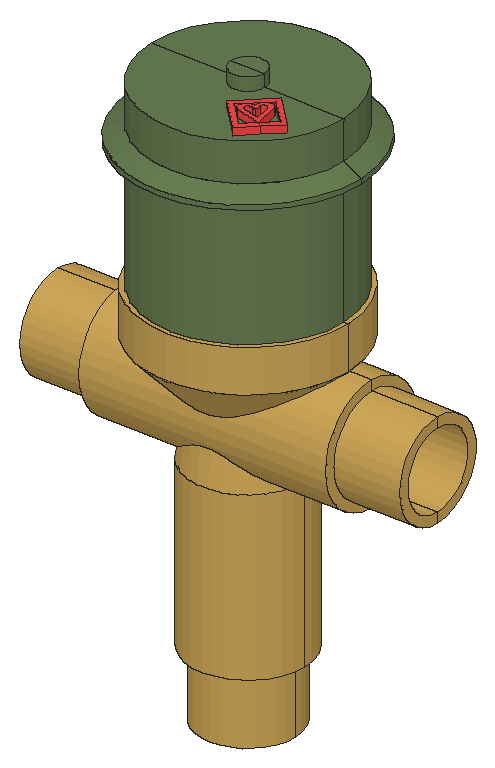
Revit family "HERZ Drinking Water Mixing Valve With Bottom Mixing Outlet 7766 54", category Rohrzubehör, Revit 2018
Family settings
  Bemaßung runder Anschluss = Durchmesser verwenden
  Teiletyp = Unterbricht
  OmniClass-Nummer = 23.65.55.14
  OmniClass-Titel = Valves for Liquid Services
  Arbeitsebenenbasiert = Nein
  Immer vertikal = Ja
  Beim Laden mit Abzugskörper schneiden = Nein
  Gemeinsam genutzt = Nein
Parameters
  Spring = "stainless steel 1.4310"  # constant formula
  Spindle = "DZR brass CW626N"  # constant formula
  Mixed water temperature hysteresis = "+-2°C"  # constant formula
  Part number = 2776654  # constant formula
  Operation = "The thermostatic mixing valve 7766 TMV is used in systems with heated drinking water.\r\nIrrespective of pressure or temperature changes of the cold and hot water to be mixed in the valve, the mixed water is constantly regulated to the preset temperature and flow rate value.\r\nThe thermostatic valve works completely independently and without auxiliary energy.\r\nThe value of the desired mixing temperature, which is preset once after installation, is kept constant within a control hysteresis."
  Note = "Pursuant to Article 33 of the REACH Regulation (EC No. 1907/2006), we are obliged to point out that the material lead is listed on the SVHC list and that all brass components manufactured in our products exceed 0.1% (w / w) lead (CAS: 7439-92-1 / EINECS: 231-100-4).\r\nSince lead is a component part of an alloy, actual exposure is not possible and therefore no additional information on safe use is necessary."
  Min. overheat of hot water compared to mixing water = 15 °C  # constant formula
  Min. flow = 0.07 L/s  # constant formula
  Min. cold water inlet temperature range = "5 °C - 25 °C"  # constant formula
  Max. hot water inlet temperature = 85 °C  # constant formula
  Max. dynamic pressure = "0.2 - 6 bar"  # constant formula
  URL = "www.herzvalves.com"
  Set value = "35 °C - 50 °C"  # constant formula
  Safety note = "Please note that the applied valve is a safety valve.\r\nIt is recommended to replace it in every 5 years.\r\nLocal standards and regulations have to be followed"
  SCTWSEQ = "AW;SBT_TYP_AW=\"104\";3"
  SCTWCODE = "04;18;03"  # constant formula
  S02 = H07 - H01 - H05  # 38.4 mm
  S01 = H00 - H01  # 61 mm
  R07 = 3.5 mm  # constant formula
  R06 = 24 mm  # constant formula
  R05 = 20.3 mm  # constant formula
  R04 = 24 mm  # constant formula
  R03 = R02 + 2 mm  # 12 mm
  R02 = Nennweite / 2  # 10 mm
  R01 = 8 mm  # constant formula
  Nennweite = 20 mm  # constant formula
  Mixing temperature (factory setting) = 45 °C  # constant formula
  Medium = "Water"  # constant formula
  LO1 = H07 - H05  # 59.4 mm
  L02 = 21.3 mm  # constant formula
  L01 = 12 mm  # constant formula
  L00 = 40 mm  # constant formula
  Internal parts = "DZR brass CW626N"  # constant formula
  Hersteller = "HERZ Armaturen Ges.m.b.H."  # constant formula
  Hand wheel = "ABS"  # constant formula
  H08 = 8 mm  # constant formula
  H07 = 62 mm  # constant formula
  H06 = 25.4 mm  # constant formula
  H05 = 2.6 mm  # constant formula
  H04 = 35 mm  # constant formula
  H03 = 14 mm  # constant formula
  H02 = 9 mm  # constant formula
  H01 = 21 mm  # constant formula
  H00 = 82 mm  # constant formula
  Flow at 3 bar = 0.7 L/s  # constant formula
  Sealing = "EPDM"  # constant formula
  Max. static pressure = 1000000.0 Pa  # constant formula
  Connection thread = "flat sealing, G 3/4"  # constant formula
  Body = "DZR brass CC752S"  # constant formula
Reference planes
  plane 1 "Mitte (Vorne/hinten)": y = 0
  plane 2: z = 0
  plane 3 "Mitte (Links/rechts)": x = 0
Forms (mm)
  Revolve 1, solid, material "Kunststoff GRÜN", detail levels fine
    sketch origin (-2.352, 0, -141.797) x (1, 0, 0) y (0, 0, 1)
      loop
        line (-1.148, 201.197) -> (-17.948, 201.197) -> (-17.948, 193.197) -> (-21.648, 191.197) -> (-21.648, 190.197) -> (-17.948, 188.197) -> (-17.948, 162.797) -> (2.352, 162.797) -> (2.352, 203.797) -> (-1.148, 203.797) -> (-1.148, 201.197)
      axis (2.352, 203.797) -> (2.352, 162.797)
    angle from 0 to 360
  Revolve 2, solid, material "Messing, weicher Gelbton, geschweißt", detail levels fine
    sketch origin (101.455, 0, 0) x (1, 0, 0) y (0, 0, 1)
      loop
        line (-101.455, -49) -> (-101.455, 21) -> (-122.755, 21) -> (-122.755, 12) -> (-111.455, 0) -> (-113.455, -12) -> (-113.455, -47) -> (-111.455, -47) -> (-111.455, -61) -> (-109.455, -61) -> (-109.455, -49) -> (-101.455, -49)
      axis (-101.455, 21) -> (-101.455, -61)
    angle from 0 to 360
  Revolve 3, solid, material "Messing, weicher Gelbton, geschweißt", detail levels fine
    sketch origin (-28, 0, 0) x (1, 0, 0) y (0, 0, 1)
      loop
        line (56, 8) -> (68, 8) -> (68, 10) -> (54, 10) -> (54, 12) -> (2, 12) -> (2, 10) -> (-12, 10) -> (-12, 8) -> (0, 8) -> (0, 0) -> (56, 0) -> (56, 8)
      axis (-12, 0) -> (68, 0)
    angle from 0 to 360
Lines and regions (mm)
  model lines, detail levels coarse+medium
    curve 1: line (-40, 0, 10) -> (-40, 0, -10)
    curve 2: line (-40, 0, -10) -> (40, 0, 10)
    curve 3: line (40, 0, 10) -> (40, 0, -10)
    curve 4: line (40, 0, -10) -> (-40, 0, 10)
    curve 5: line (0, 0, 0) -> (10, 0, -61)
    curve 6: line (10, 0, -61) -> (-10, 0, -61)
    curve 7: line (-10, 0, -61) -> (0, 0, 0)
    curve 8: line (0, 0, 0) -> (0, 0, 21)
    curve 9: line (-20.3, 0, 21) -> (20.3, 0, 21)
    curve 10: line (20.3, 0, 21) -> (20.3, 0, 59.4)
    curve 11: line (20.3, 0, 59.4) -> (-20.3, 0, 59.4)
    curve 12: line (-20.3, 0, 59.4) -> (-20.3, 0, 21)
    curve 13: line (20.3, 0, 59.4) -> (-20.3, 0, 21)
    curve 14: line (-20.3, 0, 59.4) -> (20.3, 0, 21)
    curve 15: line (-40, 10, 0) -> (-40, -10, 0)
    curve 16: line (-40, -10, 0) -> (40, 10, 0)
    curve 17: line (40, 10, 0) -> (40, -10, 0)
    curve 18: line (40, -10, 0) -> (-40, 10, 0)
    curve 19: line (0, 0, 0) -> (-10, -61, 0)
    curve 20: line (-10, -61, 0) -> (10, -61, 0)
    curve 21: line (10, -61, 0) -> (0, 0, 0)
    curve 22: line (0, 0, 0) -> (0, 21, 0)
    curve 23: line (-20.3, 21, 0) -> (20.3, 21, 0)
    curve 24: line (20.3, 21, 0) -> (20.3, 59.4, 0)
    curve 25: line (20.3, 59.4, 0) -> (-20.3, 59.4, 0)
    curve 26: line (-20.3, 59.4, 0) -> (-20.3, 21, 0)
    curve 27: line (20.3, 59.4, 0) -> (-20.3, 21, 0)
    curve 28: line (-20.3, 59.4, 0) -> (20.3, 21, 0)
Dimensions and locks
  "L00": Revolve 3 sketch curve to plane 3 "Mitte (Links/rechts)" to Revolve 3 sketch curve
  "L01": Revolve 3 sketch curve to Revolve 3 sketch curve  (x2)
  "R01": Revolve 3 sketch curve to Revolve 3 sketch curve  (x2)
  "R02": Revolve 3 sketch curve to Revolve 3 sketch curve
  "L02": Revolve 2 sketch curve to Revolve 2 sketch curve
  "H02": Revolve 2 sketch curve to Revolve 2 sketch curve
  "R02": Revolve 2 sketch curve to Revolve 2 sketch curve  (x2)
  "H01": Revolve 2 sketch curve to plane 2
  "H00": Revolve 2 sketch curve to Revolve 2 sketch curve
  "H03": Revolve 2 sketch curve to Revolve 2 sketch curve
  "R03": Revolve 2 sketch curve to Revolve 2 sketch curve
  "H04": Revolve 2 sketch curve to Revolve 2 sketch curve
  "R01": Revolve 2 sketch curve to Revolve 2 sketch curve
  "L01": Revolve 2 sketch curve to Revolve 2 sketch curve
  "H03": Revolve 3 sketch curve to Revolve 3 sketch curve  (x2)
  "R03": Revolve 3 sketch curve to Revolve 3 sketch curve
  "R05": Revolve 1 sketch curve to Revolve 1 sketch curve  (x2)
  "H07": Revolve 1 sketch curve to plane 2
  "H05": Revolve 1 sketch curve to Revolve 1 sketch curve
  "H06": Revolve 1 sketch curve to Revolve 1 sketch curve
  "H08": Revolve 1 sketch curve to Revolve 1 sketch curve
  "R06": Revolve 1 sketch curve to Revolve 1 sketch curve
  "R07": Revolve 1 sketch curve to Revolve 1 sketch curve
  "R02": curve 4 to plane 2 to curve 2
  "R02": curve 3 to plane 2 to curve 4
  "L00": curve 1 to plane 3 "Mitte (Links/rechts)" to curve 3
  "R02": curve 6 to plane 3 "Mitte (Links/rechts)" to curve 7
  "S01": plane 2 to curve 6
  "H01": curve 8 to plane 2
  "S02": curve 11 to Revolve 1
  "R05": curve 12 to plane 3 "Mitte (Links/rechts)" to curve 10
  "L00": curve 15 to plane 3 "Mitte (Links/rechts)" to curve 17
  "R02": curve 16 to plane 1 "Mitte (Vorne/hinten)" to curve 18
  "R02": curve 18 to plane 1 "Mitte (Vorne/hinten)" to curve 17
  "R02": curve 20 to plane 3 "Mitte (Links/rechts)" to curve 21
  "S01": curve 20 to plane 1 "Mitte (Vorne/hinten)"
  "H01": plane 1 "Mitte (Vorne/hinten)" to curve 22
  "S02": curve 23 to curve 25
  "R05": curve 26 to plane 3 "Mitte (Links/rechts)" to curve 24
  "LO1": nested 1 to plane 2
  aligned and locked: level to plane 2
Automatic sketch dimensions
  curve 5 to level = 0 mm
  curve 8 to level = 0 mm
  plane 1 "Mitte (Vorne/hinten)" to curve 19 = 0 mm
  plane 1 "Mitte (Vorne/hinten)" to curve 22 = 0 mm
  Revolve 1 sketch curve to plane 3 "Mitte (Links/rechts)" = 0 mm  (x2)
  Revolve 1 sketch curve to Revolve 1 sketch curve = 2 mm  (x2)
  Revolve 1 sketch curve to Revolve 1 sketch curve = 1 mm
  Revolve 1 sketch curve to level = 366.045 mm
  Revolve 1 sketch curve to Revolve 1 sketch curve = 2152.315 mm
  Revolve 2 sketch curve to level = 0 mm
  Revolve 2 sketch curve to plane 3 "Mitte (Links/rechts)" = 0 mm  (x2)
  Revolve 2 sketch curve to Revolve 2 sketch curve = 0 mm
  Revolve 2 sketch curve to Revolve 2 sketch curve = 2193.315 mm
  Revolve 3 sketch curve to level = 0 mm  (x2)
  Revolve 3 sketch curve to Revolve 3 sketch curve = 2 mm
  Revolve 3 sketch curve to Revolve 3 sketch curve = 0 mm  (x2)
Nested families
  nested 1: "Herz-Logo" at (9.58, -9.58, 59.4) x (0.7071, 0.7071, 0) z (0, 0, 1), type "Herz-Logo", detail levels fine
Connectors
  piping at (-40, 0, 0), diameter 20, driven by "Nennweite"
    settings: on Revolve 3, index 1, connector inside diameter 609.6 mm, connector length 0 mm, flow factor 0, pipe flow 0.0 L/s, pressure drop 0.0 Pa, fitting loss kfactor 0, connector angle 0.00°, fixture units 0, engagement length 0 mm, angle of deflection 0.00°, flow configuration 0, flow direction 1, fitting loss method 0, system type 20, joint type 0, gender type 0, connector reference index -1, connector utility 0, adjustable connector no, is connector primary yes, connector description ""
  piping at (40, 0, 0), diameter 20, driven by "Nennweite"
    settings: on Revolve 3, index 2, connector inside diameter 609.6 mm, connector length 0 mm, flow factor 0, pipe flow 0.0 L/s, pressure drop 0.0 Pa, fitting loss kfactor 0, connector angle 0.00°, fixture units 0, engagement length 0 mm, angle of deflection 0.00°, flow configuration 0, flow direction 1, fitting loss method 0, system type 19, joint type 0, gender type 0, connector reference index -1, connector utility 0, adjustable connector no, is connector primary no, connector description ""
  piping at (0, 0, -61), diameter 20, driven by "Nennweite"
    settings: on Revolve 2, index 3, connector inside diameter 609.6 mm, connector length 0 mm, flow factor 0, pipe flow 0.0 L/s, pressure drop 0.0 Pa, fitting loss kfactor 0, connector angle 0.00°, fixture units 0, engagement length 0 mm, angle of deflection 0.00°, flow configuration 0, flow direction 2, fitting loss method 0, system type 29, joint type 0, gender type 0, connector reference index -1, connector utility 0, adjustable connector no, is connector primary no, connector description ""
Definition of nested family "Herz-Logo"
  Reference planes
    plane 1 "Mitte (Vorne/hinten)": y = 0
    plane 2: z = 0
    plane 3 "Mitte (Links/rechts)": x = 0
  Forms (mm)
    Extrusion 1, solid
      sketch origin (0, 0, 0) x (1, 0, 0) y (0, 1, 0)
        loop
          line (-0.018, -4.517) -> (4.482, -4.517) -> (4.482, 4.483) -> (-4.518, 4.483) -> (-4.518, -4.517) -> (-0.018, -4.517)
        loop
          line (-0.05, -3.48) -> (3.482, -3.48) -> (3.482, 3.483) -> (-3.518, 3.483) -> (-3.518, -3.48) -> (-0.05, -3.48)
        loop
          arc (-0.018, 2.383) -> (-1.543, 3.287) -> (-3.067, 2.383) r 1.738
          arc (-3.067, 2.383) -> (-3.191, 1.899) -> (-3.067, 1.415) r 1.009
          line (-3.067, 1.415) -> (-0.018, -3.281) -> (3.032, 1.415)
          arc (3.032, 1.415) -> (3.156, 1.899) -> (3.032, 2.383) r 1.009
          arc (3.032, 2.383) -> (1.507, 3.287) -> (-0.018, 2.383) r 1.738
        loop
          arc (1.885, 1.272) -> (2.005, 1.675) -> (1.885, 2.079) r 0.74
          arc (1.885, 2.079) -> (1.265, 2.416) -> (0.644, 2.079) r 0.74
          line (0.644, 2.079) -> (-0.018, 0.97) -> (-0.679, 2.079)
          arc (-0.679, 2.079) -> (-1.3, 2.416) -> (-1.921, 2.079) r 0.74
          arc (-1.921, 2.079) -> (-2.04, 1.675) -> (-1.921, 1.272) r 0.74
          line (-1.921, 1.272) -> (-0.018, -1.658) -> (1.885, 1.272)
      from 0 to 1.5
  Dimensions and locks
    aligned and locked: level to plane 2
